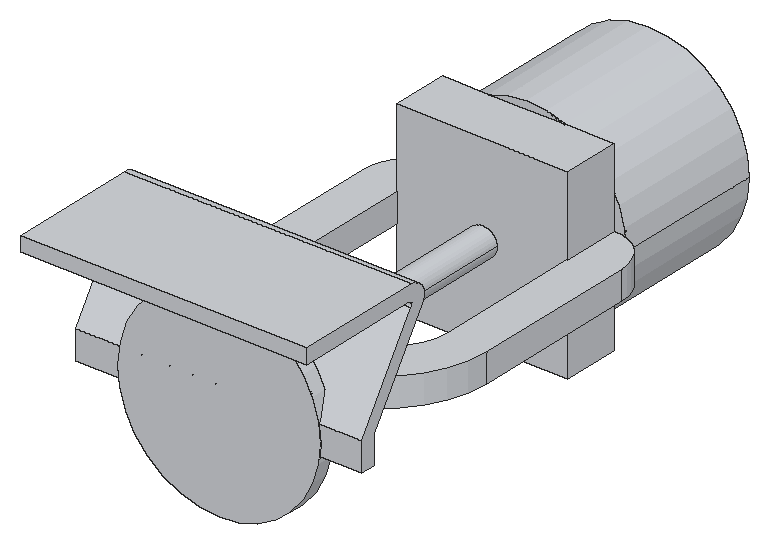
Revit family
Parameters (values of type "RASCO F156 HSW")
  Temperature Rating = 155 °F
  Response = (empty or 0)
  RASCO SIN # = "RA1335"
  RASCO Part # = "F56H1W"
  Pressure Rating = "175 PSI"
  Pressure Class = (empty or 0)
  Orifice Size = 1/2"
  Orifice = (empty or 0)
  Model = "F156"
  Manufacturer = "RASCO"
  K-Factor = 5.6
  Description = "White Finish"
  Coverage = (empty or 0)
Reference planes (in)
  plane 1 "Center (Front/Back)": y = 0
  plane 2: z = 0
  plane 3 "Center (Left/Right)": x = 0
Dimensions and locks (in)
  aligned and locked: plane 2 to level
Nested families (in)
  nested 1: "F56H1W" at (0, 0, -0.65611), type "RASCO F156 HSW"
Connectors (in)
  piping at (-0.01236, 1.34926, 0.59973)
    settings: on nested 1, index 1, connector radius 55/128", flow factor 0, pipe flow 0 GPM, pressure drop 0.00 psi, fitting loss kfactor 0, connector angle 0.00°, fixture units 0, flow configuration 0, flow direction 0, fitting loss method 0, system type 7, connector reference index -1, connector utility 0, adjustable connector no, is connector primary yes, fitting loss table "", connector description ""
Definition of nested family "F56H1W"
  Parameters (values of type "RASCO F156 HSW")
    Type Comments = ""
    Temperature Rating = 0 °F
    Response = (empty or 0)
    Pressure Rating = "0"
    Pressure Class = (empty or 0)
    Orifice Size = 0"
    Orifice = (empty or 0)
    Model = ""
    Manufacturer = ""
    K-Factor = 0
    Description = ""
    Coverage = (empty or 0)
    Assembly Code = ""
  Reference planes (in)
    plane 1 "Center (Front/Back)": y = 0
    plane 2: z = 0
    plane 3 "ref.2": z = 0.6875
    plane 4 "ref.3": z = 0.9375
    plane 5: x = -0.38065
    plane 6: x = 0.36935
    plane 7 "ref. side 1": y = 0.06402
    plane 8 "ref. side 2": y = -0.06098
    plane 9 "ref.4": z = 1.875
    plane 10 "ref.5": z = 2.3125
    plane 11 "ref.6": z = 2.4375
    plane 12 "center": x = -0.00574
  Forms (in)
    Extrusion 1, solid
      sketch origin (-0.01236, 1.37309, 1.25584) x (-1, 0, 0) y (0, 0, -1)
        loop
          circle (0, 0) r 0.4379
      from 0.02383 to 0.6875
    Extrusion 2, solid
      sketch origin (0.10949, 0.68559, 1.20407) x (-1, 0, 0) y (0, 0, -1)
        loop
          line (-0.2588, 0.356) -> (-0.2588, -0.4565) -> (0.4912, -0.4565) -> (0.4912, 0.356) -> (-0.2588, 0.356)
      from 0 to 0.25
    Extrusion 3, solid
      sketch origin (-0.01236, 1.3722, 1.25584) x (-1, 0, 0) y (0, -1, 0)
        loop
          line (-0.38065, 0.68754) -> (-0.38065, 1.58397)
          arc (-0.38065, 1.58397) -> (-0.29541, 1.78976) -> (-0.08962, 1.875) r 0.29103
          line (-0.08962, 1.875) -> (0.07524, 1.875)
          arc (0.07524, 1.875) -> (0.28321, 1.78886) -> (0.36935, 1.58089) r 0.29411
          line (0.36935, 1.58089) -> (0.36935, 0.68751)
          arc (0.36935, 0.68751) -> (0.50207, 0.74393) -> (0.55685, 0.87734) r 0.18984
          line (0.55685, 0.87734) -> (0.55685, 1.61676)
          arc (0.55685, 1.61676) -> (0.42629, 1.93194) -> (0.11111, 2.0625) r 0.44574
          line (0.11111, 2.0625) -> (-0.12259, 2.0625)
          arc (-0.12259, 2.0625) -> (-0.43765, 1.932) -> (-0.56815, 1.61694) r 0.44556
          line (-0.56815, 1.61694) -> (-0.56815, 0.87876)
          arc (-0.56815, 0.87876) -> (-0.51345, 0.74486) -> (-0.38065, 0.68754) r 0.19126
      from -0.06402 to 0.06098
    Extrusion 4, solid
      sketch origin (-0.01236, 0.43559, 1.25584) x (1, 0, 0) y (0, 0, 1)
        loop
          circle (0.00574, -0.00152) r 0.0625
      from 0 to 0.9375
    Extrusion 5, solid
      sketch origin (-0.01236, -0.50191, 1.25584) x (1, 0, 0) y (0, 0, 1)
        loop
          circle (0.00574, -0.00152) r 0.1875
      from 0 to 0.4375
    Extrusion 6, solid
      sketch origin (-0.01236, -0.89954, 1.2504) x (-1, 0, 0) y (0, 0, 1)
        loop
          circle (-0.00574, -0.00152) r 0.44275
      from -0.10531 to -0.03987
    Extrusion 7, solid
      sketch origin (-0.00662, 1.2679, 1.26334) x (0, -1, 0) y (0, 0, 1)
        loop
          line (2.27263, -0.06402) -> (2.27263, 0.06098) -> (2.00466, 0.4658)
          arc (2.00466, 0.4658) -> (2.00382, 0.48409) -> (2.01953, 0.49348) r 0.01783
          line (2.01953, 0.49348) -> (2.57559, 0.49348) -> (2.57559, 0.55848) -> (2.00257, 0.55848)
          arc (2.00257, 0.55848) -> (1.94355, 0.52319) -> (1.9467, 0.4545) r 0.067
          line (1.9467, 0.4545) -> (2.20719, 0.06098) -> (2.20719, -0.06402) -> (2.27263, -0.06402)
      from -0.62515 to 0.62904
  Cuts and joins
    joined: Extrusion 1, Extrusion 2, Extrusion 4
